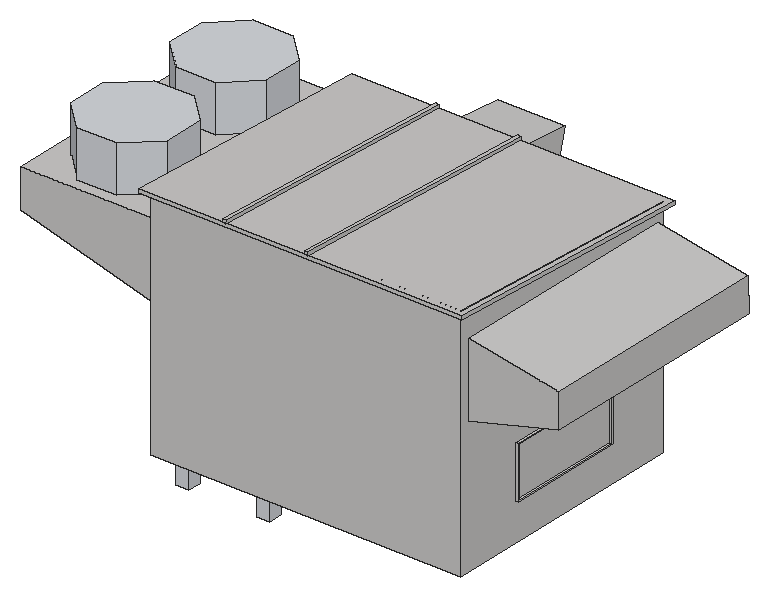
Revit family "DN3_PKGD_RT_EC_1FP", category Mechanical Equipment, Revit 2019
Family settings
  Round Connector Dimension = Use Diameter
  Part Type = Normal
  OmniClass Number = 23.75.00.00
  OmniClass Title = Climate Control (HVAC)
  Work Plane-Based = No
  Always vertical = Yes
  Cut with Voids When Loaded = No
  Shared = No
  Room Calculation Point = No
Parameters (values of type "2 @ 5HP ea. 575V")
  Voltage [instance] = "575V"
  Unit Weight Range (lbs) [instance] = "3400-4900 lbs."
  Refrigerant = "R410A"
  Number of Condenser Fans = "Qty. 2, EC motor, Direct drive"
  Nominal Capacity Range = "3.5T - 20T"
  Max. Shipping Weight (lbs) [instance] = "3400-4550 lbs."
  Unit Dimensions (L x W x H) [instance] = "164-3/8\" x 102-1/2\" x 78-1/8\""
  Shipping Dimensions (L x W x H) [instance] = "164-3/8\" x 102-1/2\" x 78-1/8\""
  Unit [instance] = Renewaire - Galvanized Steel
  URL = "www.renewaire.com"
  Typical Airflow Range = "750-3,300 CFM"
  Standard Features [instance] = "EC Motors for both airstreams, Direct drive backward inclined plenum, Higher ESP of up to 2.5\" w.g. at 3,000 CFM, Integrated programmable controls, True 100% face and bypass enthalpy based modulating economizer, Class 1 low leakage motorized isolation dampers, Stainless steel double-sloped drain pan with cooling option, 1\" Double wall foam injected 20 gauge galvanized panel construction with R6.5 insulation"
  Service Area Visibility [instance] = yes
  Service Area Box [instance] = Renewaire - Interference
  Revit Object Download Link [instance] = ""
  Phase [instance] = "Three"
  Options [instance] = "DX, heat pump, or chilled water cooling coil, Modulating hot gas reheat, Steam or hot water coil, Onboard variable frequency drives (VFDs) - both airstreams, Fused disconnect, Spring isolators (VFDs only), 2\" Double wall foam injected 20 gauge galvanized panel construction with R13 insulation, Exterior paint - grey, white, custom color, Salt spray - 2500 hours, BACNET factory activation, GFCI convenience outlet, Recirculation damper, Drain overflow switch, Mist Eliminator, Electrofin coating for coils"
  Number Motors [instance] = "Qty. 2, Direct drive motorized impeller packages"
  Model = "DN-3RT-1FP-EC"
  Manufacturer = "Renewaire LLC"
  Inlets/Outlets [instance] = "OA & RA Inlets: 36\" x 16\", SA Outlet: 24\" x 16\", EA Outlet: 20\" x 16\""
  Frequency [instance] = "50/60 Hz"
  Filters [instance] = "Total qty. 6, MERV 8: 20\" x 20\" x 2\""
  Features (default) = "BLDC Variable Speed Compressor, Integrated Refrigeration Controller, Electronic Expansion Valve, Filter Drier, Sight Glass"
  Energy Recovery Type [instance] = "Static plate total energy transfer"
  Description = "Energy Recovery Ventilator"
  Available Options = "Fixed Speed Compressor, Suction Accumlator w/HGRH, Modulating 3-way Valve w/HGRH"
  Accessories [instance] = "Filters - MERV 13, 2\"  and 4\" (shipped loose), MERV 14, 2\" and 4\" (shipped loose), Additional filters available upon request, Roof curb - standard 14\", Hurricane or seismic rated curbs, Curb clip kit, Carbon dioxide sensor/control - wall mount (CO2-W), duct mount (CO2-D), IAQ sensor - wall mount (IAQ-W), duct mount (IAQ-D), Motion occupancy sensor/control - ceiling mount (MC-C), wall mount (MC-W), Smoke detector, Room temperature and humidity sensor, Duct static pressure sensor with display to 10\", without display 0-2\", Room pressure sensor with display to 1\", without display 0-1\", Waterless trap negative pressure, waterless trap positive pressure, Remote display"
  AHRI 1060 Certified Core [instance] = "Three L-125-G5"
Types (6): name | Voltage | Unit Weight Range (lbs)
  (no name) | "575V" | "3400-4900 lbs."
  2 @ 2.70 kW ea. | "200-240 V" | "3400-4550 lbs."
  2 @ 3.70 kW ea. | "380-480 V" | "3400-4550 lbs."
  2 @ 5HP ea. 208-230V | "208-230 V" | "3400-4550 lbs."
  2 @ 5HP ea. 460V | "460V" | "3400-4550 lbs."
  2 @ 5HP ea. 575V | "575V" | "3400-4900 lbs."
Reference planes (in)
  plane 1 "Center (Front/Back)": y = 0
  plane 2: z = 0
  plane 3 "Center (Left/Right)": x = 0
  plane 4: y = -38.6875
  plane 5: x = -24.375
Forms (in)
  Extrusion 1, solid, material "Renewaire - Galvanized Steel" <- "Unit"
    sketch origin (0, 0, 0) x (0, 1, 0) y (0, 0, 1)
      loop
        line (38.6875, 68.86392) -> (-38.6875, 72.89316) -> (-38.6875, 0) -> (38.6875, 0) -> (38.6875, 68.86392)
    from 70.875 to -24.375
  Extrusion 2, solid, material "Renewaire - Galvanized Steel" <- "Unit"
    sketch origin (0, 0, 0) x (0, 1, 0) y (0, 0, 1)
      loop
        line (12.02253, 30.88417) -> (-11.97747, 30.88417) -> (-11.97747, 14.88417) -> (12.02253, 14.88417) -> (12.02253, 30.88417)
      loop
        line (11.77253, 30.63417) -> (-11.72747, 30.63417) -> (-11.72747, 15.13417) -> (11.77253, 15.13417) -> (11.77253, 30.63417)
    from -24.375 to -25.375
  Extrusion 3, solid, material "Renewaire - Galvanized Steel" <- "Unit"
    sketch origin (0, 0, 0) x (0, 1, 0) y (0, 0, 1)
      loop
        line (-17.97746, 27.82167) -> (-17.97746, 11.82167) -> (18.02254, 11.82167) -> (18.02254, 27.82167) -> (-17.97746, 27.82167)
      loop
        line (-17.72746, 27.57167) -> (-17.72746, 12.07167) -> (17.77254, 12.07167) -> (17.77254, 27.57167) -> (-17.72746, 27.57167)
    from 71.875 to 70.875
  Extrusion 4, void
    sketch origin (0, 0, 0) x (1, 0, 0) y (0, 1, 0)
      loop
        line (-22.375, 36.6875) -> (-22.375, -36.6875) -> (68.875, -36.6875) -> (68.875, 36.6875) -> (-22.375, 36.6875)
    from -1 to 8
  Extrusion 5, void
    sketch origin (0, 0, 0) x (1, 0, 0) y (0, 1, 0)
      loop
        line (64.82319, 18.02251) -> (48.8232, 18.02251) -> (48.8232, -17.97749) -> (64.82319, -17.97749) -> (64.82319, 18.02251)
      loop
        line (-2.21729, 11.9775) -> (-18.21729, 11.9775) -> (-18.21729, -12.0225) -> (-2.21729, -12.0225) -> (-2.21729, 11.9775)
    from 4 to 8.125
  Extrusion 6, solid, material "Renewaire - Galvanized Steel" <- "Unit"
    sketch origin (0, 0, 0) x (0, 1, 0) y (0, 0, 1)
      loop
        line (40.77402, 67.99062) -> (40.82511, 68.98932) -> (-40.7343, 73.16164) -> (-40.78539, 72.16294) -> (40.77402, 67.99062)
    from -26.375 to 72.75299
  Extrusion 7, solid, material "Renewaire - Galvanized Steel" <- "Unit"
    sketch origin (0, 0, 0) x (1, 0, 0) y (0, 0, 1)
      loop
        line (70.875, 64.44269) -> (70.875, 41.65389) -> (98.94202, 49.24372) -> (98.94202, 59.49372) -> (70.875, 64.44269)
    from -36.23016 to 36.21682
  Extrusion 8, solid, material "Renewaire - Galvanized Steel" <- "Unit"
    sketch origin (0, 0.68033, 0) x (0, 1, 0) y (0, 0, 1)
      loop
        line (38.6875, 64.62516) -> (38.6875, 46.19134) -> (56.30908, 46.19134) -> (61.03428, 62.67007) -> (38.6875, 64.62516)
    from 1.62724 to 22.31458
  Extrusion 9, void
    sketch origin (0, 0, 0) x (1, 0, 0) y (0, 0, 1)
      loop
        line (-2.29085, 65.82394) -> (-22.29085, 65.82394) -> (-22.29085, 41.82168) -> (-2.29085, 41.82168) -> (-2.29085, 65.82394)
      loop
        line (-2.29085, 35.82282) -> (-22.29085, 35.82282) -> (-22.29085, 11.82055) -> (-2.29085, 11.82055) -> (-2.29085, 35.82282)
    from -37.6875 to -48
  Extrusion 10, solid, material "Renewaire - Galvanized Steel" <- "Unit"
    sketch origin (0, 0, 0) x (1, 0, 0) y (0, 0, 1)
      loop
        line (-2.54085, 65.57394) -> (-22.04085, 65.57394) -> (-22.04085, 42.07168) -> (-2.54085, 42.07168) -> (-2.54085, 65.57394)
      loop
        line (-2.54085, 35.57282) -> (-22.04085, 35.57282) -> (-22.04085, 30.57282) -> (-2.54085, 30.57282) -> (-2.54085, 35.57282)
      loop
        line (-2.54085, 30.32282) -> (-22.04085, 30.32282) -> (-22.04085, 17.32055) -> (-2.54085, 17.32055) -> (-2.54085, 30.32282)
      loop
        line (-2.54085, 17.07055) -> (-22.04085, 17.07055) -> (-22.04085, 12.07055) -> (-2.54085, 12.07055) -> (-2.54085, 17.07055)
    from -38.6875 to -37.6875
  Extrusion 11, solid, material "Renewaire - Galvanized Steel" <- "Unit"
    sketch origin (0, 0, 0) x (0, 1, 0) y (0, 0, 1)
      loop
        line (40.82511, 68.98932) -> (40.8762, 69.98801) -> (-40.68321, 74.16033) -> (-40.7343, 73.16164) -> (40.82511, 68.98932)
    from 0.5 to -0.5
  Extrusion 12, solid, material "Renewaire - Galvanized Steel" <- "Unit"
    sketch origin (0, 0, 0) x (0, 1, 0) y (0, 0, 1)
      loop
        line (40.82511, 68.98932) -> (40.8762, 69.98801) -> (-40.68321, 74.16033) -> (-40.7343, 73.16164) -> (40.82511, 68.98932)
    from 24.5 to 25.5
  Extrusion 13, void
    sketch origin (-159.87722, 0, 78.5) x (1, 0, 0) y (0, 1, 0)
      loop
        line (94.54733, 37.5625) -> (94.54733, -38.6875) -> (133.375, -38.6875) -> (133.375, 37.5625) -> (94.54733, 37.5625)
    from 0 to 48
  Extrusion 14, void
    sketch origin (0.25643, 260, 0) x (1, 0, 0) y (0, 1, 0)
      loop
        line (-65.63143, -183.17489) -> (-65.63143, -375.78539) -> (98.74357, -375.78539) -> (98.74357, -183.17489) -> (-65.63143, -183.17489)
    from 0 to 67.99062
  Extrusion 15, solid, material "Renewaire - Galvanized Steel" <- "Unit"
    sketch origin (33.93944, -0.53024, -1.7171) x (-1, 0, 0) y (0, 0, -1)
      loop
        line (58.31444, -65.95931) -> (99.26932, -65.95931) -> (99.26932, -53.98484) -> (58.31444, -42.8756) -> (58.31444, -65.95931)
    from 36.81224 to -38.09274
  Extrusion 16, solid
    sketch origin (108.23609, -76.59029, 92.98217) x (0.999048, 0.043619, 0) y (-0.043619, 0.999048, 0)
      loop
        line (-143.41504, 78.57827) -> (-155.64926, 79.11243) -> (-164.67786, 70.83924) -> (-165.21202, 58.60502) -> (-156.93883, 49.57642) -> (-144.70461, 49.04226) -> (-135.67601, 57.31545) -> (-135.14185, 69.54967) -> (-143.41504, 78.57827)
    from -14.48217 to -28.73996
  Extrusion 17, solid
    sketch origin (108.23609, -38.79013, 92.98217) x (0.999048, 0.043619, 0) y (-0.043619, 0.999048, 0)
      loop
        line (-143.41504, 78.57827) -> (-155.64926, 79.11243) -> (-164.67786, 70.83924) -> (-165.21202, 58.60502) -> (-156.93883, 49.57642) -> (-144.70461, 49.04226) -> (-135.67601, 57.31545) -> (-135.14185, 69.54967) -> (-143.41504, 78.57827)
    from -14.48217 to -28.73996
  Extrusion 18, solid
    sketch origin (-11.44821, 0, 0) x (1, 0, 0) y (0, 1, 0)
      loop
        line (-6.67679, -36.6875) -> (-2.67679, -36.6875) -> (-2.67679, -32.6875) -> (-6.67679, -32.6875) -> (-6.67679, -36.6875)
      loop
        line (18.2123, -36.6875) -> (22.2123, -36.6875) -> (22.2123, -32.6875) -> (18.2123, -32.6875) -> (18.2123, -36.6875)
    from -6.87563 to 6.125
  Extrusion 19, solid
    sketch origin (22.49517, -13.00523, 65.0377) x (1, 0, 0) y (0, 1, 0)
      loop
        line (-48.37017, -17.68227) -> (-48.37017, -21.18227) -> (-46.80927, -21.18227) -> (-46.80927, -17.68227) -> (-48.37017, -17.68227)
    from -24.05611 to -29
Cuts and joins
  Extrusion 4, Extrusion 5, Extrusion 9 cuts Extrusion 1
Dimensions and locks (in)
  cut or joined group of Extrusion 1, Extrusion 4, Extrusion 5, Extrusion 9 to Extrusion 18 sketch curve = 0' - 6 1/4"
  cut or joined group of Extrusion 1, Extrusion 4, Extrusion 5, Extrusion 9 to Extrusion 18 sketch curve = 2' - 7.13909"
  aligned and locked: level to plane 2
  aligned and locked: Extrusion 9 to Extrusion 10
Nested families (in)
  nested 1: "Handle" at (-4.33426, 38.6875, 63.21643), type "Handle"
    with Right Handle no, Left Handle yes, Flip yes
  nested 2: "Handle" at (-4.33426, 38.6875, 44.21643), type "Handle"
    with Right Handle no, Left Handle yes, Flip yes
  nested 3: "Handle" at (-20.24744, 38.6875, 63.21643) x (-1, 0, 0) z (0, 0, 1), type "Handle"
    with Right Handle no, Left Handle yes, Flip yes
  nested 4: "Handle" at (-20.24744, 38.6875, 44.21643) x (-1, 0, 0) z (0, 0, 1), type "Handle"
    with Right Handle no, Left Handle yes, Flip yes
  nested 5: "Handle" at (-4.33426, 38.6875, 27.36287), type "Handle"
    with Right Handle no, Left Handle yes, Flip yes
  nested 6: "Handle" at (-4.33426, 38.6875, 19.9653), type "Handle"
    with Right Handle no, Left Handle yes, Flip yes
  nested 7: "Handle" at (-20.24744, 38.6875, 27.36287) x (-1, 0, 0) z (0, 0, 1), type "Handle"
    with Right Handle no, Left Handle yes, Flip yes
  nested 8: "Handle" at (-20.24744, 38.6875, 19.9653) x (-1, 0, 0) z (0, 0, 1), type "Handle"
    with Right Handle no, Left Handle yes, Flip yes
Connectors (in)
  hvac at (-25.375, 0.02253, 22.88417)
    settings: on Extrusion 2, index 1, duct flow 0 CFM, flow factor 0, pres drop 0.00 in-wg, loss coef 0, conn angle 0.00°, conn width 24", conn height 16", conn diameter 24", duct sys type 1, conn prof type 1, flow config 0, flow direction 2, loss method 0, conn ref index -1, conn util no, is conn primary yes, conn desc "Supply Air (SA)"
  hvac at (56.8232, 0.02251, 8)
    settings: on cut or joined group of Extrusion 1, Extrusion 4, Extrusion 5, Extrusion 9, index 3, duct flow 0 CFM, flow factor 0, pres drop 0.00 in-wg, loss coef 0, conn angle 0.00°, conn width 36", conn height 16", conn diameter 24", duct sys type 2, conn prof type 1, flow config 0, flow direction 1, loss method 0, conn ref index -1, conn util no, is conn primary no, conn desc "Return Air (RA)"
  hvac at (71.875, 0.02254, 19.82167)
    settings: on Extrusion 3, index 4, duct flow 0 CFM, flow factor 0, pres drop 0.00 in-wg, loss coef 0, conn angle 0.00°, conn width 36", conn height 16", conn diameter 24", duct sys type 2, conn prof type 1, flow config 0, flow direction 1, loss method 0, conn ref index -1, conn util no, is conn primary no, conn desc "Return Air (RA)"
  hvac at (-10.21729, -0.0225, 8.125)
    settings: on cut or joined group of Extrusion 1, Extrusion 4, Extrusion 5, Extrusion 9, index 5, duct flow 0 CFM, flow factor 0, pres drop 0.00 in-wg, loss coef 0, conn angle 0.00°, conn width 16", conn height 24", conn diameter 24", duct sys type 1, conn prof type 1, flow config 0, flow direction 2, loss method 0, conn ref index -1, conn util no, is conn primary no, conn desc "Supply Air (SA)"
  piping at (-16.125, -34.6875, -6.87563), diameter 4
    settings: on Extrusion 18, index 6, connector inside diameter 24", connector length 0' - 0", flow factor 0, pipe flow 0 GPM, pressure drop 0.00 psi, fitting loss kfactor 0, connector angle 0.00°, fixture units 0, engagement length 0' - 0", angle of deflection 0.00°, flow configuration 0, flow direction 0, fitting loss method 0, system type 22, joint type 0, gender type 0, connector reference index -1, connector utility 0, adjustable connector no, is connector primary yes, connector description "1\" NPT DRAIN FAN BEFORE-DX"
  piping at (8.76409, -34.6875, -6.87563), diameter 4
    settings: on Extrusion 18, index 7, connector inside diameter 24", connector length 0' - 0", flow factor 0, pipe flow 0 GPM, pressure drop 0.00 psi, fitting loss kfactor 0, connector angle 0.00°, fixture units 0, engagement length 0' - 0", angle of deflection 0.00°, flow configuration 0, flow direction 0, fitting loss method 0, system type 22, joint type 0, gender type 0, connector reference index -1, connector utility 0, adjustable connector no, is connector primary no, connector description "1\" NPT DRAIN FAN AFTER-DX"
  electrical at (-25.875, -32.4375, 38.50965)
    settings: on Extrusion 19, index 8, voltage 0 V, apparent load 0 VA, apparent load phase1 0 VA, apparent load phase2 0 VA, apparent load phase3 0 VA, power factor 1, load classification "Other", number of poles 1, system type 30, power factor state 1, is connector primary yes, connector utility no, sub classification motor no, connector description ""
Definition of nested family "Handle"
  Parameters (values of type "Handle")
    Right Handle [instance] = not(Flip)  # no
    Material = none
    Left Handle [instance] = Flip  # yes
    Flip [instance] = yes
  Reference planes (in)
    plane 1 "Center (Front/Back)": y = 0
    plane 2: z = 0
    plane 3 "Center (Left/Right)": x = 0
  Forms (in)
    Extrusion 1, solid, material <- "Material"
      sketch origin (0, 0, 0) x (1, 0, 0) y (0, 0, 1)
        loop
          circle (0, 0) r 0.375
      from 0 to 0.75
    Extrusion 2, solid, material <- "Material", visible <- "Right Handle"
      sketch origin (0, 0, 0) x (1, 0, 0) y (0, 1, 0)
        loop
          line (-0.375, -0.75) -> (-0.375, -1.25) -> (3.625, -1.25) -> (3.625, -0.75) -> (-0.375, -0.75)
      from -0.375 to 0.375
    Extrusion 3, solid, material <- "Material", visible <- "Left Handle"
      sketch origin (-3.25, 0, 0) x (1, 0, 0) y (0, 1, 0)
        loop
          line (-0.375, -0.75) -> (-0.375, -1.25) -> (3.625, -1.25) -> (3.625, -0.75) -> (-0.375, -0.75)
      from -0.375 to 0.375
  Dimensions and locks (in)
    aligned and locked: plane 2 to level
